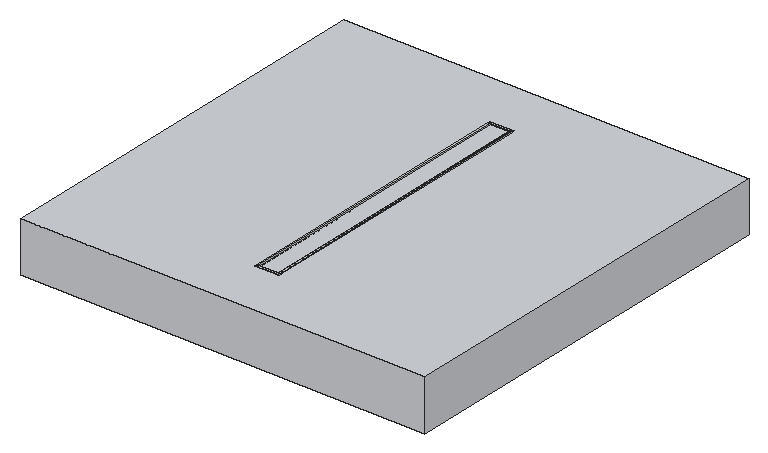
Revit family "LAMP_FIL 120 1743MM OPAL RECESSED", category Luminarias, Revit 2018
Family settings
  Anfitrión = Cara
  Cota de conector redondo = Diámetro de uso
  Tipo de pieza = Normal
  Corte con vacíos al cargar = No
  Origen de luz = Sí
  Compartido = No
  Punto de cálculo de habitación = No
Parameters (values of type "7735LM 3000K  GREY")
  Ángulo de inclinación = -90.00°
  Weight = 6.79 kg
  Wattage = 71.7 W
  Type = "HI POWER PHILIPS"
  built-in parameter 1150107 = 3000 (stored number, unit not read)
  Recessed dimensions = "1755x130x110"
  built-in parameter 1150110 = 1 (stored number, unit not read)
  built-in parameter 1150109 = 1 (stored number, unit not read)
  built-in parameter 1150112 = 1 (stored number, unit not read)
  built-in parameter 1150113 = 1 (stored number, unit not read)
  built-in parameter 1114218 = 1 (stored number, unit not read)
  Protection rating = "IP20"
  Product datasheet = "http://www.lamp.es/product-files/TECH/F121RE17HOOP830NG-EN.pdf"
  Product code = "F121RE17HOOP830NG"
  Product URL = "https://www.lamp.es/en/family/fil-120_33415"
  Power Supply = "220-240V 50/60Hz"
  Power = 68 W
  Plum = 71.7 W
  NOT COVER 2 [instance] = not(END COVER 2)  # no
  NOT COVER 1 [instance] = not(END COVER 1)  # no
  built-in parameter 1150137 = (empty or 0)
  built-in parameter 1150132 = 2
  Model explanation = "Availability of switching between accessories through visibility parameters when placed in a project."
  Material suspension = LAMP_Acero genérico
  Material perfil = LAMP_Aluminio Perfil Fil GR
  Material difusor = LAMP_PC Difusor Opal Fil
  Manufacturer name = "LAMP"
  Manufacturer country = "Spain"
  Manufacturer URL = "http://www.lamp.es/en"
  MacAdam = "3"
  Luminaire type = ""
  Longitud de línea de emisión = 1743 mm
  Last update = "02/02/2022"
  Lamp = "HIGH POWER LED"
  LED Lifetime = "96.000 L90B10"
  built-in parameter 1150105 = 3081.3 (stored number, unit not read)
  built-in parameter 1150102 = (empty or 0)
  Insulation class = "I"
  Installation instructions = "https://www.lamp.es/product-files/packed/INS/33416_Fil_120.zip"
  built-in parameter 1150106 = 30.813 (stored number, unit not read)
  Gear = "Electronic"
  Lumens = 7736.43 lm
  Finish = "Gloss grey"
  Color Filter = 16777215
  built-in parameter 1114217 = 1 (stored number, unit not read)
  built-in parameter 1150139 = (empty or 0)
  Default Elevation = 1219.2 mm
  built-in parameter 1150104 = 10.024 (stored number, unit not read)
  Efficacy = 107.9 lm/W
  END COVER 2 [instance] = yes
  END COVER 1 [instance] = yes
  Dimensions = "1743x142,5x92"
  built-in parameter 1150115 = 1 (stored number, unit not read)
  built-in parameter 1150114 = 1 (stored number, unit not read)
  built-in parameter 1150138 = (empty or 0)
  built-in parameter 1150134 = 3
  Dimming Lamp Color Temperature Shift = (empty or 0)
  CRI = "80"
  Archivo de red fotométrica = "F121RE17HOOP830NG.IES"
  built-in parameter 1150133 = 10 (stored number, unit not read)
Types (8, lengths in mm): name | Weight | built-in parameter 1150107 | Product datasheet | Product code | Material perfil | built-in parameter 1150105 | built-in parameter 1150106 | Gear | Lumens | Finish | built-in parameter 1150104 | Efficacy | Archivo de red fotométrica
  7735LM 3000K DALI GREY | 6.825 kg | 3000 (stored number, unit not read) | "http://www.lamp.es/product-files/TECH/F121RE17HOOP830DG-EN.pdf" | "F121RE17HOOP830DG" | LAMP_Aluminio Perfil Fil GR | 3009.9 (stored number, unit not read) | 30.099 (stored number, unit not read) | "DALI" | 7557.18 lm | "Gloss grey" | 9.792 (stored number, unit not read) | 105.4 lm/W | "F121RE17HOOP830nG.IES"
  7735LM 3000K DALI WHITE | 6.825 kg | 3000 (stored number, unit not read) | "http://www.lamp.es/product-files/TECH/F121RE17HOOP830DW-EN.pdf" | "F121RE17HOOP830DW" | LAMP_Aluminio Perfil Fil BL | 3009.9 (stored number, unit not read) | 30.099 (stored number, unit not read) | "Electronic" | 7557.18 lm | "Matte white RAL 9010" | 9.792 (stored number, unit not read) | 105.4 lm/W | "F121RE17HOOP830nW.IES"
  7735LM 3000K  GREY | 6.79 kg | 3000 (stored number, unit not read) | "http://www.lamp.es/product-files/TECH/F121RE17HOOP830NG-EN.pdf" | "F121RE17HOOP830NG" | LAMP_Aluminio Perfil Fil GR | 3081.3 (stored number, unit not read) | 30.813 (stored number, unit not read) | "Electronic" | 7736.43 lm | "Gloss grey" | 10.024 (stored number, unit not read) | 107.9 lm/W | "F121RE17HOOP830NG.IES"
  7735LM 3000K  WHITE | 6.79 kg | 3000 (stored number, unit not read) | "http://www.lamp.es/product-files/TECH/F121RE17HOOP830NW-EN.pdf" | "F121RE17HOOP830NW" | LAMP_Aluminio Perfil Fil BL | 3081.3 (stored number, unit not read) | 30.813 (stored number, unit not read) | "Electronic" | 7736.43 lm | "Matte white RAL 9010" | 10.024 (stored number, unit not read) | 107.9 lm/W | "F121RE17HOOP830NW.IES"
  7935LM 4000K DALI GREY | 6.825 kg | 4000 (stored number, unit not read) | "http://www.lamp.es/product-files/TECH/F121RE17HOOP840DG-EN.pdf" | "F121RE17HOOP840DG" | LAMP_Aluminio Perfil Fil GR | 3087 (stored number, unit not read) | 30.87 (stored number, unit not read) | "DALI" | 7750.77 lm | "Gloss grey" | 10.043 (stored number, unit not read) | 108.1 lm/W | "F121RE17HOOP840nG.IES"
  7935LM 4000K DALI WHITE | 6.825 kg | 4000 (stored number, unit not read) | "http://www.lamp.es/product-files/TECH/F121RE17HOOP840DW-EN.pdf" | "F121RE17HOOP840DW" | LAMP_Aluminio Perfil Fil BL | 3087 (stored number, unit not read) | 30.87 (stored number, unit not read) | "DALI" | 7750.77 lm | "Matte white RAL 9010" | 10.043 (stored number, unit not read) | 108.1 lm/W | "F121RE17HOOP840nW.IES"
  7935LM 4000K  GREY | 6.79 kg | 4000 (stored number, unit not read) | "http://www.lamp.es/product-files/TECH/F121RE17HOOP840NG-EN.pdf" | "F121RE17HOOP840NG" | LAMP_Aluminio Perfil Fil GR | 3161.3 (stored number, unit not read) | 31.613 (stored number, unit not read) | "Electronic" | 7937.19 lm | "Gloss grey" | 10.284 (stored number, unit not read) | 110.7 lm/W | "F121RE17HOOP840NG.IES"
  7935LM 4000K  WHITE | 6.79 kg | 4000 (stored number, unit not read) | "http://www.lamp.es/product-files/TECH/F121RE17HOOP840NW-EN.pdf" | "F121RE17HOOP840NW" | LAMP_Aluminio Perfil Fil BL | 3161.3 (stored number, unit not read) | 31.613 (stored number, unit not read) | "Electronic" | 7937.19 lm | "Matte white RAL 9010" | 10.284 (stored number, unit not read) | 110.7 lm/W | "F121RE17HOOP840NW.IES"
Reference planes
  plane 1 "Centro (Frontal/Posterior)": y = 0
  plane 2: z = 0
  plane 3 "Centro (Izquierda/Derecha)": x = 0
Forms (mm)
  Extrusion 1, solid
    sketch origin (0, 0, 0) x (1, 0, 0) y (0, 1, 0)
      loop
        line (-1219.2, 1219.2) -> (-1219.2, -1219.2) -> (1219.2, -1219.2) -> (1219.2, 1219.2) -> (-1219.2, 1219.2)
    from 0 to -304.8
  Extrusion 2, solid, material "LAMP_Aluminio Perfil Fil GR" <- "Material perfil"
    sketch origin (0, 0, -330) x (1, 0, 0) y (0, 0, 1)
      loop
        line (-60, 240) -> (60, 240) -> (60, 330) -> (71.25, 330) -> (71.25, 332) -> (58.25, 332) -> (58.25, 324) -> (52, 324) -> (52, 322) -> (50, 322) -> (50, 320) -> (58.25, 320) -> (58.25, 242) -> (0, 242) -> (-58.25, 242) -> (-58.25, 320) -> (-50, 320) -> (-50, 322) -> (-52, 322) -> (-52, 324) -> (-58.25, 324) -> (-58.25, 332) -> (-71.25, 332) -> (-71.25, 330) -> (-60, 330) -> (-60, 240)
    from -871.5 to 871.5
  Extrusion 3, solid, material "LAMP_PC Difusor Opal Fil" <- "Material difusor"
    sketch origin (0, 0, -330) x (1, 0, 0) y (0, 0, 1)
      loop
        line (-52, 324) -> (-52, 322) -> (52, 322) -> (52, 324) -> (-52, 324)
    from -871.5 to 871.5
Text (mm)
  text "Any modification of the parameters and properties of the LAMP BIM models must be executed and validated by the LAMP technical department.\nPhone: +34 93 736 68 00\nE-mail: lamp@lamp.es\n\nLAMP reserves the right to modify the technical specifications of its products." at (-2377.104, -7012.977, -2722.049), in view "Preview"
Dimensions and locks
  aligned and locked: plane 2 to Extrusion 1
  aligned and locked: level to Extrusion 1
  aligned and locked: Extrusion 3 to Extrusion 2
  aligned and locked: Extrusion 1 to imposter light
Nested families
  nested 1: "LAMP_FIL 120 END COVER RECESSED" at (0, -873, -90), visible <- "END COVER 2", type "GREY"
  nested 2: "LAMP_FIL 120 END COVER RECESSED" at (0, 873, -90) x (-1, 0, 0) z (0, 0, 1), visible <- "END COVER 1", type "GREY"
Connectors
  electrical at (0, 0, -90)
    settings: on Extrusion 2, index 1, voltage 230 V, apparent load 0 VA, apparent load phase1 0 VA, apparent load phase2 0 VA, apparent load phase3 0 VA, power factor 1, load classification "Otro", number of poles 1, system type 31, power factor state 1, is connector primary yes, connector utility no, sub classification motor no, connector description ""
Definition of nested family "LAMP_FIL 120 END COVER RECESSED"
  Parameters (values of type "WHITE")
    Material tapa = none
  Types (3): name
    (no name)
    GREY
    WHITE
  Reference planes
    plane 1 "Centro (Frontal/Posterior)": y = 0
    plane 2: z = 0
    plane 3 "Centro (Izquierda/Derecha)": x = 0
  Forms (mm)
    Extrusion 1, solid, material <- "Material tapa"
      sketch origin (0, 0, 76.8) x (0, -1, 0) y (0, 0, -1)
        loop
          line (1.5, -13.2) -> (1.5, 76.8) -> (-1.5, 76.8) -> (-1.5, -15.2) -> (12.3, -15.2) -> (12.3, -13.2) -> (1.5, -13.2)
      from -71.3 to 71.3
    Extrusion 2, void
      sketch origin (0, 0, 0) x (1, 0, 0) y (0, 0, 1)
        loop
          line (72.3, 90) -> (60, 90) -> (60, 0) -> (72.3, 0) -> (72.3, 90)
      from -23.5 to 23.5
    Extrusion 3, void
      sketch origin (0, 0, 0) x (1, 0, 0) y (0, 0, 1)
        loop
          line (-72.3, 90) -> (-72.3, 0) -> (-60, 0) -> (-60, 90) -> (-72.3, 90)
      from -23.5 to 23.5
  Cuts and joins
    Extrusion 2, Extrusion 3 cuts Extrusion 1
  Dimensions and locks
    aligned and locked: level to plane 2
